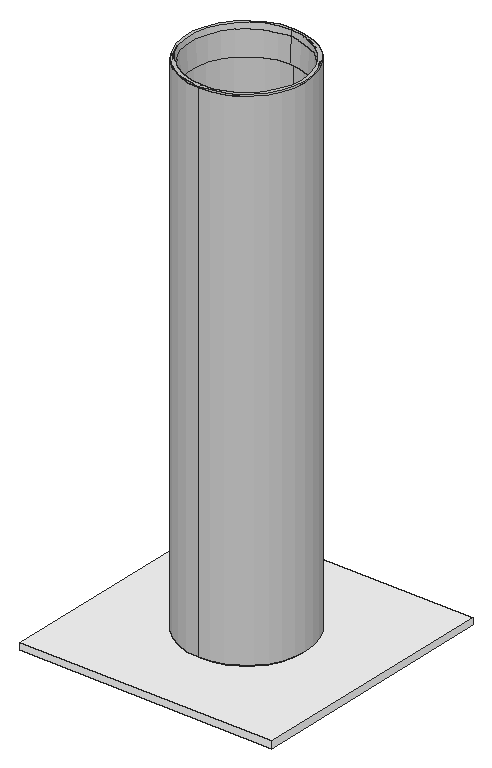
Revit family "BE_99622_de_DE", category Leuchten, Revit 2015
Parameters (values of type "BEGA_99622_Silber")
  Default Elevation = 0 mm
  URL = "http://www.bega.de/produkt/99622"
  Typenkommentare = "© 2015 BEGA. Wir behalten uns das Recht vor, technische Änderungen ohne vorherige Ankündigung vorzunehmen."  # constant formula
  Typenbild = 99622.png
  Sonderanfertigung = no
  Seriennummer [instance] = "Hier können Sie die eindeutige Seriennummer für das Facility Management eintragen."
  Scheinlast = 0 VA
  Produktdatenblatt = "http://www.bega.de/download/datenblaetter/de/99622.pdf"
  Modell = "99622A"
  Material_06 = BEGA_Oberfläche_Edelstahl_gebürstet
  Material_02 = BEGA_Oberfläche_Silber_matt
  Material_01 [instance] = BEGA_Oberfläche_Grafit_matt
  M_G = no
  M_A = yes
  Logo = 0
  Leuchtenanzahl = ""
  Lastklassifizierung = Beleuchtung
  Hersteller = "BEGA"  # constant formula
  Halbstreuwinkel = ""
  Gewicht = "5.9 kg"
  Erdstück [instance] = no
  Einbauöffnung = "190 mm"
  CE_Konformität = "ja"
  Bestellnummer_Erdstück [instance] = if(Erdstück, "70896", "---")  # "---"
  Bestellnummer = "99622A"
  Beschreibung_Sonderanfertigung = "Hier können Sie Informationen zur Sonderanfertigung eintragen."
  Beschreibung = "Pollerleuchtenrohr"
  BEGA_Intern_aus = yes
  BEGA_Intern_an = yes
  BEGA_Intern_Konstruktion = yes
  BEGA_Intern = yes
  BEGA_IES = yes
  BEGA_Dummy = no
  Aktualisierung = "2015-12-09T04:08:32"
Types (3, lengths in mm): name | Modell | M_G | M_A | Bestellnummer
  (no name) | "99622A" | no | yes | "99622A"
  BEGA_99622_Silber | "99622A" | no | yes | "99622A"
  BEGA_99622_Grafit | "99622" | yes | no | "99622"
Reference planes
  plane 1 "Mitte (Vorne/Hinten)": y = 0
  plane 2: z = 0
  plane 3 "Mitte (Links/Rechts)": x = 0
  plane 4 "Links": x = -95
  plane 5 "Rechts": x = 95
  plane 6 "Unten": y = -95
  plane 7 "Oben": y = 95
  plane 8 "Vorne": z = 816.183
Forms (mm)
  Extrusion 1, solid, material "BEGA_Platte_Weiss"
    sketch origin (0, -1119.2, 0) x (1, 0, 0) y (0, 1, 0)
      loop
        line (-200, 1319.2) -> (-200, 919.2) -> (200, 919.2) -> (200, 1319.2) -> (-200, 1319.2)
    from 0 to -10
  Extrusion 2, solid, material "BEGA_Dummy_matt", visible <- "BEGA_Dummy"
    sketch origin (77.149, -76.023, 0) x (1, 0, 0) y (0, 1, 0)
      loop
        circle (-77.149, 76.023) r 95
    from 0 to 816.183
Dimensions and locks
  plane 1 "Mitte (Vorne/Hinten)" to Extrusion 1 = 200 mm
  aligned and locked: plane 2 to Extrusion 1
  aligned and locked: level to Extrusion 1
Nested families
  nested 1: "BE_99622_Pollerrohr" at (0, 0, 0), type "BE_99622_Pollerrohr"
    with BEGA_Infotext_Winkel no
Connectors
  electrical at (0, 0, 0), driven by "Lastklassifizierung", driven by "Scheinlast"
    settings: index 1, voltage 0 V, apparent load 0 VA, apparent load phase1 0 VA, apparent load phase2 0 VA, apparent load phase3 0 VA, power factor 1, load classification "Beleuchtung", number of poles 1, system type 31, power factor state 1, is connector primary yes, connector utility no, sub classification motor no, connector description ""
Definition of nested family "BE_99622_Pollerrohr"
  Parameters (values of type "BE_99622_Pollerrohr")
    Default Elevation = 1 mm
    URL = "http://www.bega.de/de/produkt"
    Type Comments = "© 2015 BEGA. Wir behalten uns das Recht vor, technische Änderungen ohne vorherige Ankündigung vorzunehmen. "  # constant formula
    Type Image = Bega_Revit_Typenbild_78x78.png
    Material_06 = none
    Material_02 = none
    Material_01 = none
    M_G = yes
    M_A = yes
    Länge_Platte = 200 mm  # constant formula
    Höhe_Platte = -10 mm  # constant formula
    Manufacturer = "BEGA"  # constant formula
    Breite_Platte = 200 mm  # constant formula
    BEGA_Infotext_Winkel [instance] = no
    Aktualisierung = "Stand: 25.03.2015"  # constant formula
  Reference planes
    plane 1 "Mitte (Oben/Unten)": y = 0
    plane 2: z = 0
    plane 3 "Mitte (Links/Rechts)": x = 0
    plane 4 "Links": x = -95
    plane 5 "Rechts": x = 95
    plane 6 "Oben": y = 95
    plane 7 "Unten": y = -95
    plane 8: z = 816.183
  Forms (mm)
    Extrusion 1, solid, detail levels medium
      sketch origin (0, 0, 0) x (1, 0, 0) y (0, 1, 0)
        loop
          line (-100, 100) -> (-100, -100) -> (100, -100) -> (100, 100) -> (-100, 100)
      from 0 to -10 <- "Höhe_Platte"
    Revolve 2, solid, material <- "Material_01", visible <- "M_G", detail levels medium+fine
      sketch origin (0, 0, 0) x (0, 1, 0) y (0, 0, 1)
        loop
          arc (90.5, 7.484) -> (90.22, 8.179) -> (89.536, 8.484) r 1
          line (89.536, 8.484) -> (77.317, 8.91)
          arc (77.317, 8.91) -> (73.901, 10.436) -> (72.5, 13.904) r 5
          line (72.5, 13.904) -> (72.5, 23.204)
          arc (72.5, 23.204) -> (72.728, 24.352) -> (73.379, 25.329) r 3
          line (73.379, 25.329) -> (83.207, 35.157)
          arc (83.207, 35.157) -> (83.423, 35.481) -> (83.5, 35.862) r 1
          line (83.5, 35.862) -> (83.5, 39.45) -> (67.949, 39.45)
          arc (67.949, 39.45) -> (67.261, 39.176) -> (66.95, 38.504) r 1
          line (66.95, 38.504) -> (65.526, 11.319)
          arc (65.526, 11.319) -> (64.75, 9.637) -> (63.029, 8.95) r 2.5
          line (63.029, 8.95) -> (37.648, 8.95) -> (37.336, 0) -> (90.5, 0) -> (90.5, 7.484)
        axis (0, 39.45) -> (0, 0)
      angle from 0 to 360
    Revolve 3, solid, material <- "Material_01", visible <- "M_G", detail levels medium+fine
      sketch origin (0, 0, 0) x (0, 1, 0) y (0, 0, 1)
        loop
          line (95, 813.883) -> (92, 813.883) -> (92, 3.883) -> (95, 3.883) -> (95, 813.883)
        axis (0, 813.883) -> (0, 3.883)
      angle from 0 to 360
    Revolve 4, solid, material <- "Material_01", visible <- "M_G", detail levels medium+fine
      sketch origin (0, 0, 0) x (0, 1, 0) y (0, 0, 1)
        loop
          line (89.299, 816.183) -> (87.8, 807.683) -> (86.445, 768.883) -> (91.8, 768.883) -> (91.8, 813.883) -> (94, 813.883) -> (94, 816.183) -> (89.299, 816.183)
        axis (0, 816.183) -> (0, 768.883)
      angle from 0 to 360
    Extrusion 5, void
      sketch origin (0, 0, 0) x (1, 0, 0) y (0, 1, 0)
        loop
          arc (-85.345, 41.729) -> (-95, 0) -> (-85.345, -41.728) r 95
          line (-85.345, -41.728) -> (-77.308, -37.799)
          arc (-77.308, -37.799) -> (-85, -0.051) -> (-76.939, 37.619) r 94.2
          line (-76.939, 37.619) -> (-85.345, 41.729)
      from 260.383 to 472.083
    Extrusion 6, solid, material <- "Material_01", visible <- "M_G", detail levels medium+fine
      sketch origin (0, 0, 0) x (1, 0, 0) y (0, 1, 0)
        loop
          arc (-85.912, 40.994) -> (-95, 0) -> (-85.912, -40.994) r 97
          line (-85.912, -40.994) -> (-83.02, -39.645)
          arc (-83.02, -39.645) -> (-92, 0) -> (-83.02, 39.645) r 92
          line (-83.02, 39.645) -> (-85.912, 40.994)
      from 261.233 to 471.233
    Revolve 7, void
      sketch origin (0, 0, 0) x (-1, 0, 0) y (0, 0, 1)
        loop
          line (89.8, 366.233) -> (95.6, 366.233) -> (95.6, 372.102) -> (89.8, 372.102) -> (89.8, 366.233)
        axis (89.8, 366.233) -> (95.6, 366.233)
      angle from 0 to 360
    Revolve 8, solid, material <- "Material_06", detail levels fine
      sketch origin (0, 0, 0) x (-1, 0, 0) y (0, 0, 1)
        loop
          line (95.6, 371.233) -> (90.2, 371.233) -> (90.2, 366.233) -> (96.22, 366.233) -> (96.22, 370.633)
          arc (96.22, 370.633) -> (96.024, 371.057) -> (95.6, 371.233) r 0.6
        axis (90.2, 366.233) -> (96.22, 366.233)
      angle from 0 to 360
    Extrusion 9, void
      sketch origin (0, 0, 0) x (1, 0, 0) y (0, 1, 0)
        loop
          arc (-50.336, 20.849) -> (-54.483, 0) -> (-50.336, -20.849) r 54.483
          arc (-50.336, -20.849) -> (-44.479, -23.277) -> (-42.051, -17.42) r 4.483
          arc (-42.051, -17.42) -> (-45.517, -0.005) -> (-42.056, 17.41) r 45.517
          arc (-42.056, 17.41) -> (-44.475, 23.274) -> (-50.336, 20.849) r 4.483
        loop
          arc (5.948, -45.127) -> (2.082, -50.154) -> (7.112, -54.017) r 4.483
          arc (7.112, -54.017) -> (27.239, -47.185) -> (43.22, -33.173) r 54.483
          arc (43.22, -33.173) -> (42.399, -26.884) -> (36.11, -27.709) r 4.483
          arc (36.11, -27.709) -> (22.761, -39.417) -> (5.948, -45.127) r 45.517
        loop
          arc (36.117, 27.701) -> (42.4, 26.885) -> (43.224, 33.168) r 4.483
          arc (43.224, 33.168) -> (27.242, 47.184) -> (7.112, 54.017) r 54.483
          arc (7.112, 54.017) -> (2.081, 50.151) -> (5.955, 45.126) r 4.483
          arc (5.955, 45.126) -> (22.768, 39.413) -> (36.117, 27.701) r 45.517
      from 0 to 11.024
    Revolve 10, solid, material <- "Material_02", visible <- "M_A", detail levels medium+fine
      sketch origin (0, 0, 0) x (0, 1, 0) y (0, 0, 1)
        loop
          arc (90.5, 7.484) -> (90.22, 8.179) -> (89.536, 8.484) r 1
          line (89.536, 8.484) -> (77.317, 8.91)
          arc (77.317, 8.91) -> (73.901, 10.436) -> (72.5, 13.904) r 5
          line (72.5, 13.904) -> (72.5, 23.204)
          arc (72.5, 23.204) -> (72.728, 24.352) -> (73.379, 25.329) r 3
          line (73.379, 25.329) -> (83.207, 35.157)
          arc (83.207, 35.157) -> (83.423, 35.481) -> (83.5, 35.862) r 1
          line (83.5, 35.862) -> (83.5, 39.45) -> (67.949, 39.45)
          arc (67.949, 39.45) -> (67.261, 39.176) -> (66.95, 38.504) r 1
          line (66.95, 38.504) -> (65.526, 11.319)
          arc (65.526, 11.319) -> (64.75, 9.637) -> (63.029, 8.95) r 2.5
          line (63.029, 8.95) -> (37.648, 8.95) -> (37.336, 0) -> (90.5, 0) -> (90.5, 7.484)
        axis (0, 39.45) -> (0, 0)
      angle from 0 to 360
    Revolve 11, solid, material <- "Material_02", visible <- "M_A", detail levels medium+fine
      sketch origin (0, 0, 0) x (0, 1, 0) y (0, 0, 1)
        loop
          line (95, 813.883) -> (92, 813.883) -> (92, 3.883) -> (95, 3.883) -> (95, 813.883)
        axis (0, 813.883) -> (0, 3.883)
      angle from 0 to 360
    Revolve 12, solid, material <- "Material_02", visible <- "M_A", detail levels medium+fine
      sketch origin (0, 0, 0) x (0, 1, 0) y (0, 0, 1)
        loop
          line (89.299, 816.183) -> (87.8, 807.683) -> (86.445, 768.883) -> (91.8, 768.883) -> (91.8, 813.883) -> (94, 813.883) -> (94, 816.183) -> (89.299, 816.183)
        axis (0, 816.183) -> (0, 768.883)
      angle from 0 to 360
    Extrusion 13, solid, material <- "Material_02", visible <- "M_A", detail levels medium+fine
      sketch origin (0, 0, 0) x (1, 0, 0) y (0, 1, 0)
        loop
          arc (-85.912, 40.994) -> (-95, 0) -> (-85.912, -40.994) r 97
          line (-85.912, -40.994) -> (-83.02, -39.645)
          arc (-83.02, -39.645) -> (-92, 0) -> (-83.02, 39.645) r 92
          line (-83.02, 39.645) -> (-85.912, 40.994)
      from 261.233 to 471.233
  Cuts and joins
    Extrusion 5, Revolve 7 cuts Revolve 3
    Revolve 7 cuts Extrusion 6
    Extrusion 9 cuts Revolve 2
    Extrusion 5, Extrusion 9 cuts Revolve 11
    Extrusion 9 cuts Revolve 10
    Revolve 7 cuts Extrusion 13
  Dimensions and locks
    equal spacing: Extrusion 1 sketch curve, plane 3 "Mitte (Links/Rechts)", Extrusion 1 sketch curve
    equal spacing: Extrusion 1 sketch curve, plane 1 "Mitte (Oben/Unten)", Extrusion 1 sketch curve
    "Länge_Platte": Extrusion 1 sketch curve to Extrusion 1 sketch curve
    "Breite_Platte": Extrusion 1 sketch curve to Extrusion 1 sketch curve
    plane 1 "Mitte (Oben/Unten)" to Extrusion 1 = 100 mm  (x3)
    aligned and locked: Extrusion 1 to plane 2
    aligned and locked: level to Extrusion 1
  Automatic sketch dimensions
    Revolve 2 sketch curve to level = 0 mm
    level to Revolve 2 sketch curve = 8.91 mm
    Revolve 2 sketch curve to Revolve 2 sketch curve = 0.183 mm
    Revolve 2 sketch curve to Revolve 2 sketch curve = 4.997 mm
    Revolve 2 sketch curve to plane 1 "Mitte (Oben/Unten)" = 37.336 mm
    level to Revolve 2 sketch curve = 8.484 mm
    Revolve 2 sketch curve to Revolve 2 sketch curve = 12.219 mm
    Revolve 2 sketch curve to Revolve 2 sketch curve = 0.964 mm
    Revolve 2 sketch curve to Revolve 2 sketch curve = 0.003 mm
    Revolve 2 sketch curve to Revolve 2 sketch curve = 9.301 mm
    Revolve 2 sketch curve to Revolve 2 sketch curve = 0.036 mm
    Revolve 2 sketch curve to Revolve 2 sketch curve = 3 mm
    Revolve 2 sketch curve to Revolve 2 sketch curve = 0.879 mm
    Revolve 2 sketch curve to Revolve 2 sketch curve = 9.121 mm
    level to Revolve 2 sketch curve = 35.157 mm
    Revolve 2 sketch curve to Revolve 2 sketch curve = 0.707 mm  (x2)
    level to Revolve 2 sketch curve = 25.329 mm
    Revolve 2 sketch curve to Revolve 2 sketch curve = 0 mm  (x5)
    Revolve 2 sketch curve to Revolve 2 sketch curve = 0.705 mm
    Revolve 2 sketch curve to Revolve 2 sketch curve = 3.588 mm
    Revolve 2 sketch curve to Revolve 2 sketch curve = 14.551 mm
    level to Revolve 2 sketch curve = 38.504 mm
    Revolve 2 sketch curve to Revolve 2 sketch curve = 0.999 mm
    Revolve 2 sketch curve to Revolve 2 sketch curve = 6.974 mm
    Revolve 2 sketch curve to Revolve 2 sketch curve = 2.497 mm
    Revolve 2 sketch curve to Revolve 2 sketch curve = 0.131 mm
    level to Revolve 2 sketch curve = 8.95 mm
    Revolve 2 sketch curve to Revolve 2 sketch curve = 0.313 mm
    Revolve 2 sketch curve to Revolve 2 sketch curve = 25.381 mm
    Revolve 2 sketch curve to Revolve 2 sketch curve = 2.5 mm
    level to Revolve 3 sketch curve = 3.883 mm
    Revolve 3 sketch curve to plane 1 "Mitte (Oben/Unten)" = 92 mm
    Revolve 3 sketch curve to Revolve 3 sketch curve = 3 mm
    Revolve 4 sketch curve to Revolve 4 sketch curve = 4.701 mm
    Revolve 4 sketch curve to Revolve 4 sketch curve = 2.3 mm
    Revolve 4 sketch curve to Revolve 4 sketch curve = 1.499 mm
    Revolve 4 sketch curve to Revolve 4 sketch curve = 8.5 mm
    Revolve 4 sketch curve to Revolve 4 sketch curve = 1.355 mm
    Revolve 4 sketch curve to Revolve 4 sketch curve = 2.2 mm
    Revolve 4 sketch curve to Revolve 4 sketch curve = 38.8 mm
    Revolve 4 sketch curve to plane 1 "Mitte (Oben/Unten)" = 91.8 mm
    plane 1 "Mitte (Oben/Unten)" to Extrusion 5 sketch curve = 0 mm
    plane 1 "Mitte (Oben/Unten)" to Extrusion 5 sketch curve = 41.728 mm
    plane 1 "Mitte (Oben/Unten)" to Extrusion 5 sketch curve = 0.512 mm
    plane 3 "Mitte (Links/Rechts)" to Extrusion 5 sketch curve = 9.199 mm
    plane 1 "Mitte (Oben/Unten)" to Extrusion 5 sketch curve = 37.799 mm
    Extrusion 5 sketch curve to Extrusion 5 sketch curve = 8.037 mm
    Extrusion 5 sketch curve to Extrusion 5 sketch curve = 8.406 mm
    Extrusion 5 sketch curve to plane 1 "Mitte (Oben/Unten)" = 37.619 mm
    Extrusion 5 sketch curve to plane 3 "Mitte (Links/Rechts)" = 0 mm
    Extrusion 5 sketch curve to Extrusion 5 sketch curve = 0 mm
    plane 1 "Mitte (Oben/Unten)" to Extrusion 6 sketch curve = 0 mm  (x2)
    plane 3 "Mitte (Links/Rechts)" to Extrusion 6 sketch curve = 2 mm
    Extrusion 6 sketch curve to plane 1 "Mitte (Oben/Unten)" = 39.645 mm
    Extrusion 6 sketch curve to Extrusion 6 sketch curve = 2.892 mm  (x2)
    Extrusion 6 sketch curve to plane 3 "Mitte (Links/Rechts)" = 0 mm
    plane 1 "Mitte (Oben/Unten)" to Extrusion 6 sketch curve = 40.994 mm
    plane 1 "Mitte (Oben/Unten)" to Extrusion 6 sketch curve = 39.645 mm
    Extrusion 6 sketch curve to Extrusion 6 sketch curve = 0 mm
    Revolve 7 sketch curve to plane 3 "Mitte (Links/Rechts)" = 89.8 mm
    Revolve 7 sketch curve to Revolve 7 sketch curve = 5.8 mm
    Revolve 7 sketch curve to Revolve 7 sketch curve = 5.869 mm
    Revolve 7 sketch curve to Revolve 7 sketch curve = 21.6 mm
    Revolve 7 sketch curve to Revolve 7 sketch curve = 2.6 mm
    Revolve 7 sketch curve to Revolve 7 sketch curve = 0 mm
    Revolve 8 sketch curve to plane 3 "Mitte (Links/Rechts)" = 90.2 mm
    Revolve 8 sketch curve to Revolve 8 sketch curve = 5.4 mm
    Revolve 8 sketch curve to Revolve 8 sketch curve = 0.62 mm
    Revolve 8 sketch curve to Revolve 8 sketch curve = 4.4 mm
    Revolve 8 sketch curve to Revolve 8 sketch curve = 5 mm
    Revolve 8 sketch curve to Revolve 8 sketch curve = 22 mm
    Revolve 8 sketch curve to Revolve 8 sketch curve = 0 mm  (x5)
    Revolve 8 sketch curve to Revolve 8 sketch curve = 0.02 mm
    Revolve 8 sketch curve to Revolve 8 sketch curve = 1.98 mm
    Revolve 3 sketch curve to plane 1 "Mitte (Oben/Unten)" = 0 mm
    Revolve 3 sketch curve to Revolve 3 sketch curve = 810 mm
    Revolve 3 sketch curve to Revolve 3 sketch curve = 1529.924 mm
    Revolve 4 sketch curve to plane 1 "Mitte (Oben/Unten)" = 0 mm
    level to Revolve 4 sketch curve = 768.883 mm
    Revolve 4 sketch curve to Revolve 4 sketch curve = 1527.624 mm
    level to Revolve 7 sketch curve = 366.233 mm
    level to Revolve 8 sketch curve = 366.233 mm
    Extrusion 9 sketch curve to Extrusion 9 sketch curve = 0 mm  (x12)
    Extrusion 9 sketch curve to Extrusion 9 sketch curve = 0.001 mm
    Extrusion 9 sketch curve to plane 1 "Mitte (Oben/Unten)" = 19.134 mm
    Extrusion 9 sketch curve to plane 3 "Mitte (Links/Rechts)" = 46.194 mm
    Extrusion 9 sketch curve to plane 3 "Mitte (Links/Rechts)" = 0 mm  (x2)
    Extrusion 9 sketch curve to plane 1 "Mitte (Oben/Unten)" = 0 mm
    Extrusion 9 sketch curve to Extrusion 9 sketch curve = 4.142 mm  (x3)
    Extrusion 9 sketch curve to Extrusion 9 sketch curve = 4.138 mm
    Extrusion 9 sketch curve to Extrusion 9 sketch curve = 8.285 mm
    Extrusion 9 sketch curve to Extrusion 9 sketch curve = 1.724 mm
    Extrusion 9 sketch curve to Extrusion 9 sketch curve = 3.429 mm
    Extrusion 9 sketch curve to Extrusion 9 sketch curve = 1.715 mm
    plane 3 "Mitte (Links/Rechts)" to Extrusion 9 sketch curve = 6.527 mm  (x2)
    plane 7 "Unten" to Extrusion 9 sketch curve = 45.428 mm
    plane 1 "Mitte (Oben/Unten)" to Extrusion 9 sketch curve = 0 mm  (x2)
    Extrusion 9 sketch curve to Extrusion 9 sketch curve = 0.579 mm
    Extrusion 9 sketch curve to Extrusion 9 sketch curve = 0.585 mm  (x2)
    Extrusion 9 sketch curve to Extrusion 9 sketch curve = 30.163 mm
    plane 1 "Mitte (Oben/Unten)" to Extrusion 9 sketch curve = 27.709 mm
    Extrusion 9 sketch curve to Extrusion 9 sketch curve = 3.557 mm
    Extrusion 9 sketch curve to Extrusion 9 sketch curve = 2.729 mm
    Extrusion 9 sketch curve to Extrusion 9 sketch curve = 3.553 mm
    plane 3 "Mitte (Links/Rechts)" to Extrusion 9 sketch curve = 0 mm
    Extrusion 9 sketch curve to plane 6 "Oben" = 45.428 mm
    Extrusion 9 sketch curve to Extrusion 9 sketch curve = 0.572 mm
    Extrusion 9 sketch curve to Extrusion 9 sketch curve = 30.162 mm
    Extrusion 9 sketch curve to Extrusion 9 sketch curve = 7.107 mm
    Extrusion 9 sketch curve to plane 1 "Mitte (Oben/Unten)" = 27.701 mm
    Extrusion 9 sketch curve to Extrusion 9 sketch curve = 5.467 mm
    Extrusion 9 sketch curve to Extrusion 9 sketch curve = 3.551 mm
    Extrusion 9 sketch curve to Extrusion 9 sketch curve = 2.737 mm
    Revolve 3 sketch curve to level = 609.6 mm
    Revolve 4 sketch curve to level = 609.6 mm
    Revolve 10 sketch curve to plane 1 "Mitte (Oben/Unten)" = 0 mm
    Revolve 10 sketch curve to level = 0 mm
    Revolve 10 sketch curve to plane 1 "Mitte (Oben/Unten)" = 37.336 mm
    level to Revolve 10 sketch curve = 8.95 mm
    Revolve 10 sketch curve to Revolve 10 sketch curve = 0.313 mm
    level to Revolve 10 sketch curve = 11.45 mm
    Revolve 10 sketch curve to Revolve 10 sketch curve = 25.381 mm
    Revolve 10 sketch curve to Revolve 10 sketch curve = 3.921 mm
    Revolve 10 sketch curve to Revolve 10 sketch curve = 0.999 mm
    Revolve 10 sketch curve to Revolve 10 sketch curve = 9.471 mm
    Revolve 10 sketch curve to Revolve 10 sketch curve = 3 mm
    level to Revolve 10 sketch curve = 8.91 mm
    Revolve 10 sketch curve to Revolve 10 sketch curve = 4.817 mm
    Revolve 10 sketch curve to Revolve 10 sketch curve = 0.183 mm
    Revolve 10 sketch curve to plane 6 "Oben" = 12.5 mm
    Revolve 10 sketch curve to Revolve 10 sketch curve = 0.707 mm
    Revolve 10 sketch curve to Revolve 10 sketch curve = 1 mm
    Revolve 10 sketch curve to plane 6 "Oben" = 5.5 mm
    Revolve 10 sketch curve to Revolve 10 sketch curve = 0.036 mm
    Revolve 10 sketch curve to plane 6 "Oben" = 4.5 mm
    Revolve 10 sketch curve to Revolve 10 sketch curve = 7.484 mm
    Revolve 10 sketch curve to Revolve 10 sketch curve = 4.993 mm
    Revolve 10 sketch curve to Revolve 10 sketch curve = 9.301 mm
    Revolve 10 sketch curve to Revolve 10 sketch curve = 11.953 mm
    Revolve 10 sketch curve to Revolve 10 sketch curve = 0.705 mm
    Revolve 10 sketch curve to Revolve 10 sketch curve = 2.586 mm
    Revolve 10 sketch curve to Revolve 10 sketch curve = 0.054 mm
    Revolve 10 sketch curve to Revolve 10 sketch curve = 0 mm  (x5)
    Revolve 10 sketch curve to Revolve 10 sketch curve = 2.497 mm
    level to Revolve 10 sketch curve = 11.319 mm
    Revolve 10 sketch curve to Revolve 10 sketch curve = 0.879 mm
    Revolve 10 sketch curve to level = 609.6 mm
    Revolve 10 sketch curve to Revolve 10 sketch curve = 0.003 mm
    plane 8 to Revolve 10 sketch curve = 1527.624 mm
    Revolve 11 sketch curve to plane 1 "Mitte (Oben/Unten)" = 0 mm
    Revolve 11 sketch curve to plane 6 "Oben" = 0 mm
    Revolve 11 sketch curve to plane 6 "Oben" = 3 mm
    level to Revolve 11 sketch curve = 3.883 mm
    Revolve 11 sketch curve to plane 8 = 2.3 mm
    Revolve 11 sketch curve to level = 609.6 mm
    plane 8 to Revolve 11 sketch curve = 1527.624 mm
    Revolve 12 sketch curve to plane 1 "Mitte (Oben/Unten)" = 0 mm
    Revolve 12 sketch curve to plane 8 = 0 mm
    Revolve 12 sketch curve to plane 6 "Oben" = 8.555 mm
    Revolve 12 sketch curve to plane 6 "Oben" = 7.2 mm
    Revolve 12 sketch curve to plane 6 "Oben" = 5.701 mm
    Revolve 12 sketch curve to plane 6 "Oben" = 3.2 mm
    Revolve 12 sketch curve to plane 6 "Oben" = 1 mm
    Revolve 12 sketch curve to plane 8 = 2.3 mm
    Revolve 12 sketch curve to Revolve 12 sketch curve = 6.2 mm
    Revolve 12 sketch curve to Revolve 12 sketch curve = 38.8 mm
    Revolve 12 sketch curve to level = 609.6 mm
    plane 8 to Revolve 12 sketch curve = 1527.624 mm
    plane 1 "Mitte (Oben/Unten)" to Extrusion 13 sketch curve = 0 mm  (x2)
    Extrusion 13 sketch curve to plane 3 "Mitte (Links/Rechts)" = 0 mm
    plane 4 "Links" to Extrusion 13 sketch curve = 11.98 mm  (x2)
    Extrusion 13 sketch curve to Extrusion 13 sketch curve = 2.892 mm  (x2)
    plane 3 "Mitte (Links/Rechts)" to Extrusion 13 sketch curve = 2 mm
    plane 1 "Mitte (Oben/Unten)" to Extrusion 13 sketch curve = 39.645 mm
    Extrusion 13 sketch curve to Extrusion 13 sketch curve = 1.349 mm
